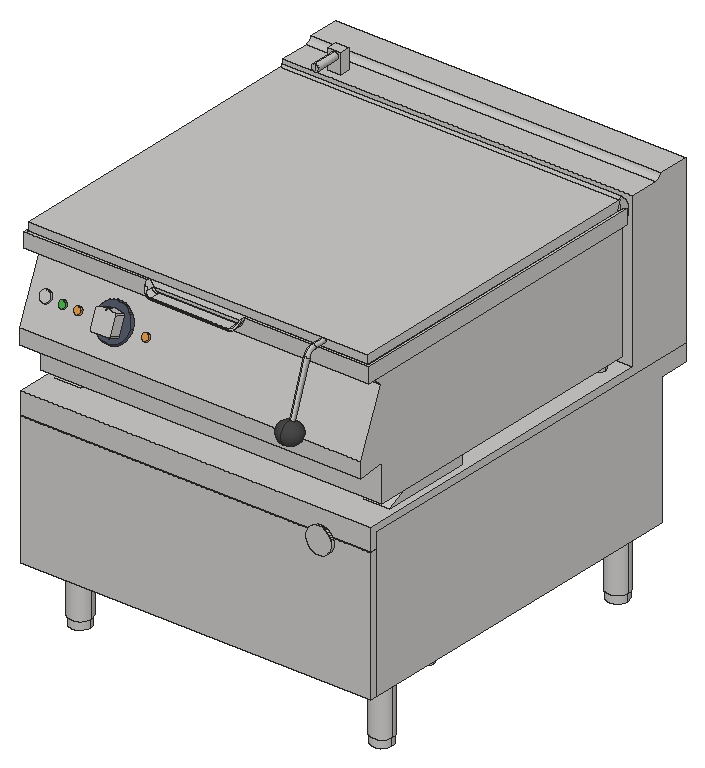
Revit family "QF_ZANUSSI_392146_Z9BREHDOFM", category Specialty Equipment, Revit 2018
Family settings
  Round Connector Dimension = Use Diameter
  Part Type = Normal
  Work Plane-Based = No
  Always vertical = Yes
  Cut with Voids When Loaded = No
  Shared = No
  Room Calculation Point = No
Parameters
  Width = 800 mm  # constant formula
  Weight in Pounds = 150  # constant formula
  Weight = 0.00 kg
  Watts = 13000 VA  # 13000 W
  Volts = 400 V  # constant formula
  URL Manufacturer = "http://www.zanussiprofessional.com"
  URL Cutsheet = "www.electrolux.com"
  URL = "http://www.zanussiprofessional.com"
  Type Mark [instance] = ""
  Steam Supply Size = 0"
  Steam Supply Minimum Pressure = 0.00 psi
  Steam Supply Maximum Pressure = 0.00 psi
  Steam Pounds per Hour = 0
  Status [instance] = ""
  Specification by User [instance] = ""
  Specification by Manufacturer = ""
  Show Logo [instance] = yes
  Show Clearance [instance] = yes
  Serial Number = ""
  Seismic Rating = ""
  SMACNA No = ""
  Revision Code [instance] = ""
  Refrigeration Suction Line Size = 0"
  Refrigeration Liquid Line Size = 0"
  Refrigerant Compressor Remote = yes
  Plumbing Remarks [instance] = ""
  Plumbing Connection Type [instance] = ""
  Phase = 3
  Omniclass Number and Title = ""
  Number of Poles [instance] = 1
  NAFEM Spec ID Number = ""
  Model = "Z9BREHDOFM"
  Min Ckt Ampacity = 0 A
  Max Overcurrent Protection = 0 A
  Masterspec = ""
  Manufacturer = "Zanussi"
  Length Actual = 800 mm  # constant formula
  Item Number [instance] = "392146"
  Installed By [instance] = ""
  Identify Quantity as Lot [instance] = yes
  Hot Water Size = 0"
  Height Actual = 850 mm  # constant formula
  Height = 850 mm  # constant formula
  HP = "17.4 HP"
  Gas Size = 0"
  Gas KW = 0
  Gas Input Pressure = 0.0 Btu/h
  Furnished By [instance] = ""
  Foodservice Equipment Identifier [instance] = yes
  FL Amps = if(Phase = 3, Watts / (Volts * 1.73), Watts / Volts)  # 18.7861 A
  Electrical Remarks [instance] = "400 V/3N ph/50/60 Hz"  # constant formula
  Electric Connection Type [instance] = ""
  Elec Conn RI Height [instance] = 0 mm
  Elec Conn Connection Height [instance] = 0 mm
  Direct Waste Size = 0"
  Description = "80LT EL.BRAISING PAN-DUOMAT BOTTOM AUT."
  Depth Actual = 900 mm  # constant formula
  Depth = 915 mm  # constant formula
  Cycle [instance] = if([60 Hertz Option], 60 Hz, 50 Hz)  # 60 Hz
  Conn Plug = ""
  Conn Conduit = yes
  Condensate Return Size = 0"
  Compressed Air Volume = 0 GPM
  Compressed Air Size = 0"
  Compressed Air Pressure = 0.00 psi
  Cold Water Temperature Recommended [instance] = -459.67 °F
  Cold Water Size = 3/4"
  Cold Water RI Height [instance] = 0 mm
  Cold Water Minimum Pressure = 0.00 psi
  Cold Water Maximum Pressure = 0.00 psi
  Cold Water Flow [instance] = 0 GPM
  Cold Water Consumption = ""
  Cold Water Connection Height = 0 mm
  CSI MasterFormat = ""
  CSI Master Format = ""
  Assembly Code = ""
  Apparent Power = if(Phase = 3, Volts * FL Amps * 1.73, Volts * FL Amps)  # 13000 VA
  Accessory = yes
  60 Hertz Option [instance] = not([50 Hertz Option])  # yes
  50 Hertz Option [instance] = no
Reference planes
  plane 1 "BACK": y = 0
  plane 2: z = 0
  plane 3 "LEFT": x = 0
  plane 4 "RIGHT": x = 800
  plane 5 "FRONT": y = -915
  plane 6 "TOP": z = 898
  plane 7 "Center Y": x = 400
  plane 8 "Center X": y = -457.5
  plane 9 "Base": z = 149
  plane 10: z = 502.193
  plane 11: z = 1653
  plane 12: y = -125
  plane 13: y = -799
  plane 14: x = 55
  plane 15: y = -160.853
  plane 16: x = 745
  plane 17: y = -1014
  plane 18: y = -899.182
  plane 19: x = 786
  plane 20: z = 850
  plane 21: x = 389
  plane 22: y = -702.182
  plane 23: y = -760.182
  plane 24: x = 340
Forms (mm)
  Revolve 1, solid, material "QF_Finishes_Stainless Steel"
    sketch origin (0, -125, 0) x (1, 0, 0) y (0, 0, 1)
      loop
        line (55, 0) -> (55, 149) -> (29.6, 149) -> (29.6, 19.05) -> (32.1, 19.05) -> (32.1, 0) -> (55, 0)
      axis (55, 0) -> (55, 149)
    angle from 0 to 360
  Revolve 2, solid, material "QF_Finishes_Stainless Steel"
    sketch origin (0, -799, 0) x (1, 0, 0) y (0, 0, 1)
      loop
        line (55, 0) -> (55, 149) -> (29.6, 149) -> (29.6, 19.05) -> (32.1, 19.05) -> (32.1, 0) -> (55, 0)
      axis (55, 0) -> (55, 149)
    angle from 0 to 360
  Extrusion 3, solid, material "QF_Finishes_Stainless Steel"
    sketch origin (0, -214.682, 0) x (0, 1, 0) y (0, 0, 1)
      loop
        line (214.682, 487.193) -> (214.682, 866.248) -> (143.055, 866.248)
        arc (143.055, 866.248) -> (139.432, 857.502) -> (130.686, 853.88) r 12.368
        line (130.686, 853.88) -> (64.682, 853.88) -> (64.682, 502.193) -> (-684.5, 502.193) -> (-684.5, 452.193) -> (-669.5, 452.193) -> (-669.5, 487.193) -> (214.682, 487.193)
      loop
        line (-669.5, 149) -> (-669.5, 451.193) -> (-684.5, 451.193) -> (-684.5, 149) -> (-669.5, 149)
    from 0 to 800
  Extrusion 4, solid, material "QF_Finishes_Stainless Steel"
    sketch origin (0, -214.682, 0) x (0, 1, 0) y (0, 0, 1)
      loop
        line (44.029, 528.406) -> (44.029, 817.127) -> (-678.5, 817.127) -> (-678.5, 809.681) -> (-643.264, 774.446) -> (-700.318, 641.094) -> (-700.318, 606.094) -> (-640.765, 613.406) -> (-640.765, 528.406) -> (44.029, 528.406)
    from 10 to 790
  Sweep 5, solid, material "QF_Finishes_Stainless Steel"
    path origin (0, -204.882, 145) x (-1, 0, 0) y (0, -1, 0)
      loop
        line (-290, 694.3) -> (-5, 694.3) -> (-5, -44.029) -> (-795, -44.029) -> (-795, 694.3) -> (-510, 694.3)
    profile origin (652.5, -899.182, 145) x (0, -1, 0) y (0, 0, 1)
      loop
        line (-5, 651.359) -> (0, 651.359) -> (0, 685.301) -> (-6, 685.301) -> (-6, 681.062) -> (-5, 681.062) -> (-5, 651.359)
  Extrusion 6, solid, material "QF_Finishes_Stainless Steel"
    sketch origin (0, -214.682, -5) x (0, 1, 0) y (0, 0, 1)
      loop
        line (33.715, 835.301) -> (42.572, 855) -> (-677.138, 855) -> (-677.138, 835.301) -> (33.715, 835.301)
      loop
        arc (64.305, 837.022) -> (57.071, 850.749) -> (45.92, 861.539) r 49.182
        line (45.92, 861.539) -> (39.069, 846.301) -> (45.904, 846.301) -> (45.904, 832.604) -> (64.305, 814.204) -> (64.305, 837.022)
    from 12.363 to 787.637
  Extrusion 7, solid, material "QF_Finishes_Stainless Steel"
    sketch origin (0, -214.682, 0) x (0, 1, 0) y (0, 0, 1)
      loop
        line (-403.818, 528.406) -> (-556.057, 528.406) -> (-609.801, 502.193) -> (-403.818, 502.193) -> (-403.818, 528.406)
    from 16.63 to 76.513
  Extrusion 8, solid, material "QF_Finishes_Stainless Steel"
    sketch origin (0, -207.182, 150) x (-1, 0, 0) y (0, -1, 0)
      loop
        circle (-46.571, -17.496) r 15
      loop
        circle (-753.429, -17.496) r 15
    from 352.193 to 383.406
  Extrusion 9, solid, material "QF_Finishes_Stainless Steel"
    sketch origin (0, -64.682, 0) x (0, 1, 0) y (0, 0, 1)
      loop
        line (-43.387, 853.88) -> (-43.387, 898) -> (-67.444, 898) -> (-67.444, 853.88) -> (-43.387, 853.88)
    from 87.469 to 116.843
  Revolve 10, solid, material "QF_Finishes_Stainless Steel"
    sketch origin (103.25, -64.682, 0) x (0, 1, 0) y (0, 0, 1)
      loop
        line (-67.444, 888.097) -> (-67.444, 896.222) -> (-123.629, 896.222) -> (-123.629, 888.097) -> (-67.444, 888.097)
      axis (-123.629, 888.097) -> (-67.444, 888.097)
    angle from 0 to 360
  Extrusion 11, solid, material "QF_Clearances", visible <- "Show Clearance", detail levels coarse
    sketch origin (0, -214.682, 0) x (1, 0, 0) y (0, 1, 0)
      loop
        line (800, 214.682) -> (800, -700.318) -> (850, -700.318) -> (850, 264.682) -> (-50, 264.682) -> (-50, -700.318) -> (0, -700.318) -> (0, 214.682) -> (800, 214.682)
    from 0 to 898
  Extrusion 12, solid, material "QF_Finishes_Stainless Steel"
    sketch origin (800, 0, 0) x (0, 1, 0) y (0, 0, 1)
      loop
        line (-884.182, 149) -> (-69, 149) -> (-69, 448) -> (0, 448) -> (0, 487.193) -> (-884.182, 487.193) -> (-884.182, 149)
    from 0 to -800
  Revolve 13, solid, material "QF_Finishes_Stainless Steel"
    sketch origin (1000, -125, 0) x (-1, 0, 0) y (0, 0, -1)
      loop
        line (255, 0) -> (232.1, 0) -> (232.1, -19.05) -> (229.6, -19.05) -> (229.6, -149) -> (255, -149) -> (255, 0)
      axis (255, 0) -> (255, -149)
    angle from 0 to 360
  Revolve 14, solid, material "QF_Finishes_Stainless Steel"
    sketch origin (1000, -799, 0) x (-1, 0, 0) y (0, 0, -1)
      loop
        line (255, 0) -> (232.1, 0) -> (232.1, -19.05) -> (229.6, -19.05) -> (229.6, -149) -> (255, -149) -> (255, 0)
      axis (255, 0) -> (255, -149)
    angle from 0 to 360
  Sweep 15, solid, material "QF_Finishes_Stainless Steel"
    path origin (8.84, -214.682, -10) x (0, 1, 0) y (0, 0, 1)
      loop
        line (-677.138, 852.831) -> (-705.492, 852.831)
        arc (-705.492, 852.831) -> (-716.963, 849.214) -> (-724.286, 839.672) r 20
        line (-724.286, 839.672) -> (-765.322, 726.924)
    profile origin (8.84, -905.997, 842.831) x (0, 0, -1) y (1, 0, 0)
      loop
        circle (0, 676.16) r 5
  Revolve 16, solid, material "QF_Finishes_Black"
    sketch origin (685, -194.682, 0) x (0, 1, 0) y (0, 0, 1)
      loop
        line (-785.322, 716.924) -> (-792.738, 719.623)
        arc (-792.738, 719.623) -> (-818.978, 701.075) -> (-800.713, 674.638) r 22.845
        line (-800.713, 674.638) -> (-785.322, 716.924)
      axis (-785.322, 716.924) -> (-800.713, 674.638)
    angle from 0 to 360
  Extrusion 17, solid, material "QF_Finishes_Stainless Steel"
    sketch origin (800, -69, 149) x (-1, 0, 0) y (0, 1, 0)
      loop
        circle (14, -649.182) r 12.7
    from 0 to 5
  Extrusion 18, solid, material "QF_Finishes_Stainless Steel"
    sketch origin (-3.75, -899.182, 149) x (0, 0, 1) y (-1, 0, 0)
      loop
        circle (289.443, -688.75) r 30
    from 0 to 5
  Extrusion 19, solid, material "QF_Finishes_Stainless Steel"
    sketch origin (800, -214.682, 0) x (0, 1, 0) y (0, 0, -1)
      loop
        line (-403.818, -528.406) -> (-403.818, -502.193) -> (-609.801, -502.193) -> (-556.057, -528.406) -> (-403.818, -528.406)
    from 16.63 to 76.513
  Extrusion 20, solid, material "QF_Finishes_Stainless Steel"
    sketch origin (0, -201.682, -15.905) x (1, 0, 0) y (0, 0, 1)
      loop
        line (509.996, 839.805) -> (509.996, 846.205) -> (502.677, 833.527)
        arc (502.677, 833.527) -> (496.674, 827.524) -> (488.474, 825.327) r 16.4
        line (488.474, 825.327) -> (311.526, 825.327)
        arc (311.526, 825.327) -> (303.32, 827.526) -> (297.312, 833.534) r 16.413
        line (297.312, 833.534) -> (289.996, 846.205) -> (289.996, 839.805) -> (294.541, 831.934)
        arc (294.541, 831.934) -> (301.72, 824.755) -> (311.526, 822.127) r 19.613
        line (311.526, 822.127) -> (488.474, 822.127)
        arc (488.474, 822.127) -> (498.274, 824.753) -> (505.448, 831.927) r 19.6
        line (505.448, 831.927) -> (509.996, 839.805)
    from 697.5 to 717.595
  Extrusion 21, void
    sketch origin (900, 188.397, 1219.2) x (0, -1, 0) y (0, 0, 1)
      loop
        line (1110.167, -415.736) -> (1110.167, -387.945) -> (1093.05, -387.945) -> (1110.167, -415.736)
    from 390 to 610
  Extrusion 22, solid, material "QF_Finishes_Orange"
    sketch origin (9.372, -901.482, 672.689) x (0, 0.393353, 0.919387) y (-1, 0, 0)
      loop
        circle (34.513, -113.251) r 8
    from 0 to 3.175
  Extrusion 23, solid, material "QF_Finishes_Green"
    sketch origin (14.068, -901.51, 672.624) x (0, 0.393353, 0.919387) y (-1, 0, 0)
      loop
        circle (34.513, -73.251) r 8
    from 0 to 3.175
  Extrusion 24, solid, material "QF_Finishes_Stainless Steel"
    sketch origin (10.937, -915, 641.094) x (0, 0.393353, 0.919387) y (-1, 0, 0)
      loop
        circle (71.473, -36.635) r 12.7
    from 0 to 3.2
  Extrusion 25, solid, material "QF_Finishes_Orange"
    sketch origin (164.372, -901.482, 672.689) x (0, 0.393353, 0.919387) y (-1, 0, 0)
      loop
        circle (34.513, -113.251) r 8
    from 0 to 3.175
  Extrusion 26, solid, material "QF_Clearances", visible <- "Show Clearance", detail levels coarse
    sketch origin (0, -996.643, 709.193) x (0, 0.238373, -0.971174) y (0, 0.971174, 0.238373)
      loop
        line (33.715, 835.301) -> (42.572, 855) -> (-677.138, 855) -> (-677.138, 835.301) -> (33.715, 835.301)
      loop
        arc (64.305, 837.022) -> (57.071, 850.749) -> (45.92, 861.539) r 49.182
        line (45.92, 861.539) -> (39.069, 846.301) -> (45.904, 846.301) -> (45.904, 832.604) -> (64.305, 814.204) -> (64.305, 837.022)
    from 12.363 to 787.637
  Sweep 27, solid, material "QF_Clearances", visible <- "Show Clearance", detail levels coarse
    path origin (8.84, -1001.499, 708.002) x (0, 0.238373, -0.971174) y (0, 0.971174, 0.238373)
      loop
        line (-677.138, 852.831) -> (-705.492, 852.831)
        arc (-705.492, 852.831) -> (-716.963, 849.214) -> (-724.286, 839.672) r 20
        line (-724.286, 839.672) -> (-765.322, 726.924)
    profile origin (8.84, -338.043, 1582.68) x (0, -0.971174, -0.238373) y (1, 0, 0)
      loop
        circle (0, 676.16) r 5
  Revolve 28, solid, material "QF_Clearances", visible <- "Show Clearance", detail levels coarse
    sketch origin (685, -987.02, 690.962) x (0, 0.238373, -0.971174) y (0, 0.971174, 0.238373)
      loop
        line (-785.322, 716.924) -> (-792.738, 719.623)
        arc (-792.738, 719.623) -> (-818.978, 701.075) -> (-800.713, 674.638) r 22.845
        line (-800.713, 674.638) -> (-785.322, 716.924)
      axis (-785.322, 716.924) -> (-800.713, 674.638)
    angle from 0 to 360
  Extrusion 29, solid, material "QF_Finishes_Stainless Steel"
    sketch origin (290, -899.182, 830.301) x (-1, 0, 0) y (0, 0, -1)
      loop
        line (0.004, 33.941) -> (-220, 33.941) -> (-220, -0.006) -> (-212.677, 12.678)
        arc (-212.677, 12.678) -> (-206.674, 18.681) -> (-198.474, 20.878) r 16.4
        line (-198.474, 20.878) -> (-21.526, 20.878)
        arc (-21.526, 20.878) -> (-13.32, 18.679) -> (-7.312, 12.672) r 16.413
        line (-7.312, 12.672) -> (0.004, 0) -> (0.004, 33.941)
    from 0 to -6
  Extrusion 30, solid, material "QF_Finishes_Stainless Steel"
    sketch origin (0, 0, 0) x (0, 1, 0) y (0, 0, 1)
      loop
        circle (-760.182, 325) r 9.525
    from 350.873 to 389
  Extrusion 31, solid, material "QF_Finishes_Stainless Steel"
    sketch origin (0, -915, 0) x (1, 0, 0) y (0, 0, 1)
      loop
        circle (340, 220) r 6.35
    from -212.818 to -194.708
  Extrusion 32, solid, material "QF_Plastic-Black-Matte"
    sketch origin (145.417, -886.473, 707.77) x (0, 0.393353, 0.919387) y (0, 0.919387, -0.393353)
      loop
        line (26.984, -34) -> (23.984, -34) -> (23.984, -35) -> (26.984, -35)
        arc (26.984, -35) -> (27.691, -34.707) -> (27.984, -34) r 1
        line (27.984, -34) -> (27.984, -19) -> (26.984, -19) -> (26.984, -34)
    from -58.5 to -56.5
  Extrusion 33, solid, material "QF_Finishes_Stainless Steel"
    sketch origin (202.917, -886.473, 707.77) x (-1, 0, 0) y (0, -0.393353, -0.919387)
      loop
        line (17.5, -17.5) -> (17.5, 17.5) -> (-17.5, 17.5) -> (-17.5, -17.5) -> (17.5, -17.5)
    from 5 to 10
  Extrusion 34, solid, material "QF_Finishes_Stainless Steel"
    sketch origin (202.917, -886.473, 707.77) x (-1, 0, 0) y (0, -0.393353, -0.919387)
      loop
        arc (-21.147, -22.789) -> (0, -26.984) -> (21.147, -22.789) r 55.4
        arc (21.147, -22.789) -> (22.494, -21.685) -> (23, -20.019) r 2.997
        line (23, -20.019) -> (23, 20.019)
        arc (23, 20.019) -> (22.122, 22.138) -> (20.003, 23.016) r 2.997
        line (20.003, 23.016) -> (-20.003, 23.016)
        arc (-20.003, 23.016) -> (-22.122, 22.138) -> (-23, 20.019) r 2.997
        line (-23, 20.019) -> (-23, -20.019)
        arc (-23, -20.019) -> (-22.494, -21.685) -> (-21.147, -22.789) r 2.997
    from 10 to 34
  Blend 35, solid, material "QF_Finishes_Navy Blue"
    base sketch origin (202.917, -886.473, 707.77) x (1, 0, 0) y (0, 0.393353, 0.919387)
      loop
        circle (0, 0) r 42.5
    top sketch origin (202.917, -886.473, 707.77) x (1, 0, 0) y (0, 0.393353, 0.919387)
      loop
        circle (0, 0) r 40.5
    from 0 to 5
Cuts and joins
  Extrusion 21 cuts Extrusion 20
  joined: Sweep 5, Extrusion 20, Extrusion 29
Lines and regions (mm)
  Split face 1
    outline origin (202.917, -891.07, 709.737) x (1, 0, 0) y (0, 0.393353, 0.919387)
      loop
        arc (-0.521, 36.501) -> (-26.491, 26.394) -> (-37.708, 0.884) r 36.411
        line (-37.708, 0.884) -> (-31.708, 0.884)
        arc (-31.708, 0.884) -> (-21.998, 23.844) -> (-0.521, 36.501) r 39.733
  Split face 2
    outline origin (202.917, -891.07, 709.737) x (1, 0, 0) y (0, 0.393353, 0.919387)
      loop
        circle (-30.633, -14.752) r 1.5
  Split face 3
    outline origin (202.917, -891.07, 709.737) x (1, 0, 0) y (0, 0.393353, 0.919387)
      loop
        circle (-21.199, -26.582) r 1.5
  Split face 4
    outline origin (202.917, -891.07, 709.737) x (1, 0, 0) y (0, 0.393353, 0.919387)
      loop
        circle (-7.566, -33.148) r 1.5
  Split face 5
    outline origin (202.917, -891.07, 709.737) x (1, 0, 0) y (0, 0.393353, 0.919387)
      loop
        circle (7.566, -33.148) r 1.5
  Split face 6
    outline origin (202.917, -891.07, 709.737) x (1, 0, 0) y (0, 0.393353, 0.919387)
      loop
        circle (21.199, -26.582) r 1.5
  Split face 7
    outline origin (202.917, -891.07, 709.737) x (1, 0, 0) y (0, 0.393353, 0.919387)
      loop
        circle (30.633, -14.752) r 1.5
  Split face 8
    outline origin (202.917, -891.07, 709.737) x (1, 0, 0) y (0, 0.393353, 0.919387)
      loop
        circle (34, 0) r 1.5
  Split face 9
    outline origin (202.917, -891.07, 709.737) x (1, 0, 0) y (0, -0.393353, -0.919387)
      loop
        circle (30.633, -14.752) r 1.5
  Split face 10
    outline origin (202.917, -891.07, 709.737) x (1, 0, 0) y (0, -0.393353, -0.919387)
      loop
        circle (21.199, -26.582) r 1.5
  symbolic lines
    curve 1: line (10, -915, 149) -> (179.917, -915, 149)
    curve 2: line (0, -899.182, 149) -> (280.622, -899.182, 149)
    curve 3: line (5, -160.853, 149) -> (5, -899.182, 149)
    curve 4: line (0, 0, 149) -> (0, -899.182, 149)
    curve 5: line (800, -899.182, 149) -> (800, 0, 149)
    curve 6: line (5, -160.853, 149) -> (95.125, -160.853, 149)
    curve 7: line (789, -171.653, 149) -> (111.375, -171.653, 149)
    curve 8: line (0, -71.628, 149) -> (800, -71.628, 149)
    curve 9: line (111.375, -160.853, 149) -> (795, -160.853, 149)
    curve 10: line (95.125, -172.111, 149) -> (12.363, -172.111, 149)
    curve 11: line (90.942, -172.111, 149) -> (90.942, -192.672, 149)
    curve 12: line (117.192, -171.653, 149) -> (117.192, -192.672, 149)
    curve 13: arc (90.942, -192.672, 149) -> (104.067, -205.797, 149) -> (117.192, -192.672, 149) r 13.125
    curve 14: line (504.543, -915, 149) -> (680, -915, 149)
    curve 15: line (12.363, -891.82, 149) -> (787.637, -891.82, 149)
    curve 16: line (0, 0, 149) -> (800, 0, 149)
    curve 20: line (680, -980.005, 149) -> (680, -891.82, 149)
    curve 21: line (690, -980.005, 149) -> (690, -891.82, 149)
    curve 22: spline (685, -987.42, 149) -> (686.603, -987.265, 149) -> (688.14, -986.808, 149) -> (689.545, -986.066, 149) -> (690.761, -985.072, 149) -> (691.737, -983.866, 149) -> (692.431, -982.499, 149) -> (692.815, -981.028, 149) -> (692.874, -979.515, 149) -> (692.604, -978.022, 149) -> (692.016, -976.611, 149) -> (691.136, -975.342, 149) -> (690, -974.268, 149)
    curve 23: spline (690, -980.005, 149) -> (689.957, -980.618, 149) -> (689.83, -981.221, 149) -> (689.619, -981.803, 149) -> (689.33, -982.354, 149) -> (688.967, -982.865, 149) -> (688.536, -983.327, 149) -> (688.044, -983.732, 149) -> (687.5, -984.074, 149) -> (686.913, -984.345, 149) -> (686.294, -984.543, 149) -> (685.653, -984.663, 149) -> (685, -984.703, 149)
    curve 24: spline (685, -984.703, 149) -> (684.347, -984.663, 149) -> (683.706, -984.543, 149) -> (683.087, -984.345, 149) -> (682.5, -984.074, 149) -> (681.956, -983.732, 149) -> (681.464, -983.327, 149) -> (681.033, -982.865, 149) -> (680.67, -982.354, 149) -> (680.381, -981.803, 149) -> (680.17, -981.221, 149) -> (680.043, -980.618, 149) -> (680, -980.005, 149)
    curve 25: spline (680, -974.268, 149) -> (678.864, -975.342, 149) -> (677.984, -976.611, 149) -> (677.396, -978.022, 149) -> (677.126, -979.515, 149) -> (677.185, -981.028, 149) -> (677.569, -982.499, 149) -> (678.263, -983.866, 149) -> (679.239, -985.072, 149) -> (680.455, -986.066, 149) -> (681.86, -986.808, 149) -> (683.397, -987.265, 149) -> (685, -987.42, 149)
    curve 26: line (95.125, -188.311, 149) -> (111.375, -188.311, 149)
    curve 27: line (95.125, -132.127, 149) -> (95.125, -188.311, 149)
    curve 28: line (111.375, -188.311, 149) -> (111.375, -132.127, 149)
    curve 29: line (87.469, -132.127, 149) -> (116.843, -132.127, 149)
    curve 30: line (87.469, -108.069, 149) -> (87.469, -132.127, 149)
    curve 31: line (116.843, -108.069, 149) -> (87.469, -108.069, 149)
    curve 32: line (116.843, -132.127, 149) -> (116.843, -108.069, 149)
    curve 33: arc (680, -961.314, 149) -> (685, -1014, 149) -> (690, -961.314, 149) r 26.58
    curve 34: line (0, -150, 182) -> (95.125, -150, 182)
    curve 35: line (800, -150, 182) -> (111.375, -150, 182)
    curve 36: line (12.363, -891.82, 149) -> (12.363, -172.111, 149)
    curve 37: line (787.637, -891.82, 149) -> (787.637, -171.653, 149)
    curve 38: line (790, -915, 182) -> (790, -899.182, 182)
    curve 39: line (10, -899.182, 182) -> (10, -915, 182)
    curve 40: line (795, -160.853, 149) -> (795, -899.182, 149)
    curve 41: line (225.917, -915, 149) -> (295.414, -915, 149)
    curve 42: line (519.371, -899.182, 182) -> (505.448, -914.035, 182)
    curve 43: spline (505.442, -914.033, 182) -> (504.902, -914.595, 182) -> (504.301, -915.14, 182) -> (503.641, -915.666, 182) -> (502.924, -916.17, 182) -> (502.153, -916.653, 182) -> (501.331, -917.111, 182) -> (500.459, -917.544, 182) -> (499.542, -917.95, 182) -> (498.582, -918.327, 182) -> (497.581, -918.675, 182) -> (496.544, -918.992, 182) -> (495.475, -919.277, 182)
    curve 44: line (304.523, -919.277, 182) -> (495.475, -919.277, 182)
    curve 45: line (294.541, -914.031, 182) -> (280.622, -899.182, 182)
    curve 46: spline (304.523, -919.277, 182) -> (303.452, -918.992, 182) -> (302.414, -918.675, 182) -> (301.413, -918.327, 182) -> (300.452, -917.949, 182) -> (299.534, -917.543, 182) -> (298.662, -917.11, 182) -> (297.838, -916.651, 182) -> (297.067, -916.168, 182) -> (296.35, -915.663, 182) -> (295.689, -915.137, 182) -> (295.087, -914.592, 182) -> (294.547, -914.029, 182)
    curve 47: line (519.371, -899.182, 149) -> (680, -899.182, 149)
    curve 48: line (690, -899.182, 149) -> (800, -899.182, 149)
    curve 49: line (690, -915, 149) -> (790, -915, 149)
    curve 50: line (179.917, -899.196, 0) -> (179.917, -925.453, 0)
    curve 51: arc (179.917, -925.453, 0) -> (180.063, -925.917, 0) -> (180.449, -926.213, 0) r 0.809
    curve 52: arc (180.449, -926.213, 0) -> (181.637, -926.693, 0) -> (182.915, -926.786, 0) r 4.127
    curve 53: arc (179.917, -910.086, 0) -> (180.419, -909.365, 0) -> (181.217, -908.995, 0) r 1.682
    curve 54: arc (181.217, -908.995, 0) -> (191.519, -907.497, 0) -> (201.917, -906.988, 0) r 109.079
    curve 55: line (201.917, -899.182, 0) -> (201.917, -909.218, 0)
    curve 56: line (201.917, -909.218, 0) -> (203.917, -909.218, 0)
    curve 57: line (203.917, -909.218, 0) -> (203.917, -899.218, 0)
    curve 58: line (225.917, -899.182, 0) -> (225.917, -925.453, 0)
    curve 59: arc (225.917, -925.453, 0) -> (225.771, -925.917, 0) -> (225.385, -926.213, 0) r 0.809
    curve 60: arc (225.385, -926.213, 0) -> (224.197, -926.693, 0) -> (222.92, -926.786, 0) r 4.127
    curve 61: arc (225.917, -910.086, 0) -> (225.415, -909.365, 0) -> (224.618, -908.995, 0) r 1.682
    curve 62: arc (224.618, -908.995, 0) -> (214.315, -907.497, 0) -> (203.917, -906.988, 0) r 109.079
    curve 63: line (182.915, -926.786, 0) -> (222.92, -926.786, 0)
    curve 64: spline (225.917, -904.183, 0) -> (227.104, -903.848, 0) -> (228.259, -903.497, 0) -> (229.381, -903.13, 0) -> (230.469, -902.747, 0) -> (231.521, -902.348, 0) -> (232.535, -901.936, 0) -> (233.512, -901.509, 0) -> (234.448, -901.068, 0) -> (235.344, -900.615, 0) -> (236.197, -900.149, 0) -> (237.007, -899.671, 0) -> (237.773, -899.182, 0)
    curve 65: spline (168.061, -899.182, 0) -> (168.827, -899.671, 0) -> (169.637, -900.149, 0) -> (170.491, -900.615, 0) -> (171.386, -901.068, 0) -> (172.323, -901.509, 0) -> (173.299, -901.936, 0) -> (174.314, -902.348, 0) -> (175.366, -902.747, 0) -> (176.453, -903.13, 0) -> (177.576, -903.497, 0) -> (178.731, -903.848, 0) -> (179.917, -904.183, 0)
  symbolic lines, style "QF_Clearances", visible <- "Show Clearance", detail levels coarse
    curve 17: line (-50, 50, 150) -> (-50, -918.182, 150)
    curve 18: line (850, 50, 150) -> (850, -915, 150)
    curve 19: line (850, 50, 150) -> (-50, 50, 150)
Dimensions and locks
  equal spacing: plane 3 "LEFT", plane 7 "Center Y", plane 4 "RIGHT"
  "Width": plane 3 "LEFT" to plane 4 "RIGHT"
  equal spacing: plane 5 "FRONT", plane 8 "Center X", plane 1 "BACK"
  "Depth": plane 5 "FRONT" to plane 1 "BACK"
  "Height": plane 20 to level
  plane 9 "Base" to level = 149 mm
  plane 11 to level = 1653 mm
  plane 11 to plane 2 = 1653 mm
  plane 9 "Base" to plane 2 = 149 mm
  plane 13 to plane 12 = 674 mm
  plane 5 "FRONT" to plane 1 "BACK" = 915 mm
  plane 6 "TOP" to plane 2 = 898 mm
  plane 4 "RIGHT" to plane 16 to plane 14 to plane 3 "LEFT" = 55 mm, 690 mm, 55 mm
  plane 1 "BACK" to plane 17 = 1014 mm
  Extrusion 12 to plane 1 "BACK" = 69 mm
  Extrusion 6 to plane 9 "Base" = 701 mm
  plane 2 to Extrusion 12 = 448 mm
  Extrusion 3 to plane 13 = 100.182 mm
  plane 12 to Extrusion 12 = 56 mm
  plane 4 "RIGHT" to plane 19 = 14 mm
  plane 20 to plane 9 "Base" to level = 701 mm, 149 mm
  plane 1 "BACK" to Extrusion 12 = 69 mm
  Extrusion 12 to plane 12 = 56 mm
  plane 12 to plane 13 = 674 mm
  plane 13 to Extrusion 3 = 100.182 mm
  Extrusion 12 to level = 448 mm
  plane 6 "TOP" to level = 898 mm
  Extrusion 3 to Extrusion 17 = 181 mm
  Extrusion 17 to Extrusion 3 = 181 mm
  Extrusion 30 sketch curve to plane 9 "Base" = 176 mm
  plane 21 to plane 3 "LEFT" = 389 mm
  Extrusion 31 sketch curve to plane 3 "LEFT" = 340 mm
  Extrusion 31 sketch curve to plane 9 "Base" = 71 mm
  plane 22 to Extrusion 3 = 197 mm
  Extrusion 30 sketch curve to Extrusion 3 = 139 mm
  plane 23 to Extrusion 3 = 139 mm
  Extrusion 30 to plane 9 "Base" = 176 mm  (x2)
  Extrusion 12 to Extrusion 31 = 71 mm
  Extrusion 31 to plane 9 "Base" = 71 mm
  plane 24 to plane 3 "LEFT" = 340 mm
  aligned and locked: level to plane 2
  aligned and locked: Extrusion 12 to plane 3 "LEFT"
Automatic sketch dimensions
  Revolve 1 sketch curve to plane 9 "Base" = 0 mm  (x2)
  Revolve 1 sketch curve to level = 0 mm
  Revolve 1 sketch curve to plane 14 = 0 mm  (x2)
  Revolve 1 sketch curve to Revolve 1 sketch curve = 22.9 mm
  Revolve 1 sketch curve to Revolve 1 sketch curve = 2.5 mm
  level to Revolve 1 sketch curve = 19.05 mm
  Revolve 2 sketch curve to plane 9 "Base" = 0 mm  (x2)
  Revolve 2 sketch curve to level = 0 mm
  Revolve 2 sketch curve to plane 14 = 0 mm  (x2)
  Revolve 2 sketch curve to Revolve 2 sketch curve = 22.9 mm
  Revolve 2 sketch curve to Revolve 2 sketch curve = 2.5 mm
  level to Revolve 2 sketch curve = 19.05 mm
  Extrusion 7 sketch curve to plane 10 = 0 mm
  Extrusion 7 sketch curve to plane 13 = 25.484 mm
  plane 13 to Extrusion 7 sketch curve = 28.261 mm
  plane 10 to Extrusion 7 sketch curve = 26.213 mm
  Extrusion 8 sketch curve to plane 16 = 8.429 mm
  Extrusion 8 sketch curve to plane 14 = 8.429 mm
  Extrusion 8 sketch curve to plane 12 = 64.686 mm  (x2)
  Extrusion 9 sketch curve to plane 6 "TOP" = 0 mm
  Extrusion 9 sketch curve to plane 12 = 7.127 mm
  plane 12 to Extrusion 9 sketch curve = 16.931 mm
  plane 20 to Extrusion 9 sketch curve = 3.88 mm
  Revolve 10 sketch curve to plane 6 "TOP" = 9.903 mm
  Revolve 10 sketch curve to plane 12 = 63.311 mm
  Revolve 10 sketch curve to plane 12 = 7.127 mm
  Revolve 10 sketch curve to Revolve 10 sketch curve = 0 mm  (x2)
  plane 12 to Revolve 10 sketch curve = 1.394 mm
  Revolve 10 sketch curve to plane 6 "TOP" = 1.778 mm
  Revolve 13 sketch curve to plane 9 "Base" = 0 mm  (x2)
  Revolve 13 sketch curve to level = 0 mm
  plane 16 to Revolve 13 sketch curve = 0 mm  (x2)
  Revolve 13 sketch curve to plane 19 = 18.1 mm
  Revolve 13 sketch curve to Revolve 13 sketch curve = 2.5 mm
  level to Revolve 13 sketch curve = 19.05 mm
  Revolve 14 sketch curve to plane 9 "Base" = 0 mm  (x2)
  Revolve 14 sketch curve to level = 0 mm
  plane 16 to Revolve 14 sketch curve = 0 mm  (x2)
  Revolve 14 sketch curve to plane 19 = 18.1 mm
  Revolve 14 sketch curve to Revolve 14 sketch curve = 2.5 mm
  level to Revolve 14 sketch curve = 19.05 mm
  plane 17 to Revolve 16 sketch curve = 18.604 mm
  Revolve 16 sketch curve to Revolve 16 sketch curve = 0 mm  (x4)
  plane 17 to Revolve 16 sketch curve = 22.834 mm
  Revolve 16 sketch curve to Revolve 16 sketch curve = 3.746 mm
  Revolve 16 sketch curve to Revolve 16 sketch curve = 7.415 mm
  plane 10 to Revolve 16 sketch curve = 172.444 mm
  Revolve 16 sketch curve to Revolve 16 sketch curve = 22.45 mm
  plane 10 to Extrusion 19 sketch curve = 0 mm
  Extrusion 19 sketch curve to plane 13 = 25.484 mm
  plane 13 to Extrusion 19 sketch curve = 28.261 mm
  plane 10 to Extrusion 19 sketch curve = 26.213 mm
  Extrusion 20 sketch curve to Extrusion 20 sketch curve = 0 mm  (x5)
  Extrusion 20 sketch curve to Extrusion 20 sketch curve = 4.545 mm
  Extrusion 20 sketch curve to Extrusion 20 sketch curve = 2.771 mm  (x2)
  Extrusion 20 sketch curve to Extrusion 20 sketch curve = 14.214 mm
  Extrusion 20 sketch curve to plane 20 = 40.578 mm
  plane 7 "Center Y" to Extrusion 20 sketch curve = 88.474 mm
  Extrusion 20 sketch curve to plane 20 = 32.378 mm
  Extrusion 20 sketch curve to Extrusion 20 sketch curve = 14.203 mm
  Extrusion 20 sketch curve to plane 20 = 33.978 mm
  Extrusion 20 sketch curve to plane 20 = 19.699 mm
  Extrusion 20 sketch curve to Extrusion 20 sketch curve = 7.32 mm
  Extrusion 20 sketch curve to Extrusion 20 sketch curve = 6.606 mm
  Extrusion 20 sketch curve to Extrusion 20 sketch curve = 6.4 mm  (x2)
  Extrusion 20 sketch curve to Extrusion 20 sketch curve = 7.872 mm
  Extrusion 24 sketch curve to plane 14 = 7.427 mm
  Extrusion 26 sketch curve to plane 11 = 87.075 mm
  plane 8 "Center X" to Extrusion 26 sketch curve = 110.667 mm
  Extrusion 26 sketch curve to Extrusion 26 sketch curve = 694.86 mm
  Extrusion 26 sketch curve to Extrusion 26 sketch curve = 15.993 mm
  Extrusion 26 sketch curve to Extrusion 26 sketch curve = 5.354 mm
  Extrusion 26 sketch curve to Extrusion 26 sketch curve = 3.503 mm
  Extrusion 26 sketch curve to Extrusion 26 sketch curve = 12.189 mm
  Extrusion 26 sketch curve to Extrusion 26 sketch curve = 3.348 mm
  Extrusion 26 sketch curve to Extrusion 26 sketch curve = 18.4 mm  (x2)
  Extrusion 26 sketch curve to Extrusion 26 sketch curve = 2.697 mm
  Extrusion 26 sketch curve to Extrusion 26 sketch curve = 14.057 mm
  Extrusion 26 sketch curve to Extrusion 26 sketch curve = 4.418 mm
  Extrusion 26 sketch curve to Extrusion 26 sketch curve = 11 mm
  Extrusion 26 sketch curve to Extrusion 26 sketch curve = 6.539 mm
  Sweep 27 sketch curve to plane 8 "Center X" = 20.462 mm
  Sweep 27 sketch curve to plane 11 = 28.458 mm
  Sweep 27 sketch curve to Sweep 27 sketch curve = 41.037 mm
  Sweep 27 sketch curve to Sweep 27 sketch curve = 18.794 mm
  Sweep 27 sketch curve to Sweep 27 sketch curve = 28.354 mm
  Sweep 27 sketch curve to Sweep 27 sketch curve = 105.908 mm
  Sweep 27 sketch curve to Sweep 27 sketch curve = 6.84 mm
  Sweep 27 sketch curve to profile plane = 0 mm
  profile plane to Sweep 27 sketch curve = 676.16 mm
  Revolve 28 sketch curve to plane 11 = 23.591 mm
  Revolve 28 sketch curve to plane 8 "Center X" = 65.198 mm
  Revolve 28 sketch curve to Revolve 28 sketch curve = 0 mm  (x4)
  Revolve 28 sketch curve to Revolve 28 sketch curve = 4.229 mm
  Revolve 28 sketch curve to Revolve 28 sketch curve = 3.746 mm
  Revolve 28 sketch curve to Revolve 28 sketch curve = 7.415 mm
  Revolve 28 sketch curve to Revolve 28 sketch curve = 22.45 mm
  Extrusion 20 sketch curve to plane 7 "Center Y" = 88.474 mm
  plane 14 to Extrusion 22 sketch curve = 67.623 mm
  plane 14 to Extrusion 23 sketch curve = 32.319 mm
  Extrusion 25 sketch curve to plane 7 "Center Y" = 122.377 mm
  plane 9 "Base" to Revolve 1 sketch curve = 20 mm
  plane 9 "Base" to Revolve 2 sketch curve = 20 mm
  Revolve 13 sketch curve to Revolve 13 sketch curve = 20 mm
  plane 9 "Base" to Revolve 14 sketch curve = 20 mm
  plane 22 to Extrusion 7 sketch curve = 83.682 mm
  plane 22 to Extrusion 19 sketch curve = 83.682 mm
  plane 5 "FRONT" to curve 18 = 0 mm
  plane 4 "RIGHT" to curve 18 = 50 mm
  curve 19 to plane 3 "LEFT" = 50 mm
  curve 17 to plane 1 "BACK" = 50 mm
  plane 5 "FRONT" to curve 17 = 3.182 mm
  Extrusion 3 sketch curve to plane 10 = 0 mm
  Extrusion 3 sketch curve to plane 9 "Base" = 0 mm
  Extrusion 3 sketch curve to plane 1 "BACK" = 0 mm
  plane 20 to Extrusion 3 sketch curve = 16.248 mm
  plane 12 to Extrusion 3 sketch curve = 53.372 mm
  Extrusion 3 sketch curve to Extrusion 3 sketch curve = 12.368 mm
  Extrusion 3 sketch curve to plane 12 = 25 mm
  Extrusion 3 sketch curve to plane 5 "FRONT" = 30.818 mm  (x2)
  Extrusion 3 sketch curve to plane 10 = 15 mm
  Extrusion 3 sketch curve to Extrusion 3 sketch curve = 15 mm
  Extrusion 3 sketch curve to plane 5 "FRONT" = 15.818 mm
  Extrusion 3 sketch curve to Extrusion 3 sketch curve = 36 mm
  Extrusion 3 sketch curve to Extrusion 3 sketch curve = 1 mm
  Extrusion 4 sketch curve to plane 5 "FRONT" = 0 mm
  Extrusion 4 sketch curve to plane 5 "FRONT" = 21.818 mm
  Extrusion 4 sketch curve to Extrusion 4 sketch curve = 35.236 mm
  plane 10 to Extrusion 4 sketch curve = 26.213 mm
  Extrusion 4 sketch curve to plane 13 = 56.447 mm
  Extrusion 4 sketch curve to plane 12 = 45.653 mm
  Extrusion 4 sketch curve to Extrusion 4 sketch curve = 77.688 mm
  Extrusion 4 sketch curve to Extrusion 4 sketch curve = 7.312 mm
  Extrusion 4 sketch curve to Extrusion 4 sketch curve = 35 mm
  Extrusion 4 sketch curve to plane 20 = 75.554 mm
  Extrusion 4 sketch curve to plane 20 = 40.319 mm
  Extrusion 4 sketch curve to plane 20 = 32.873 mm
  plane 15 to Sweep 5 sketch curve = 0 mm
  Sweep 5 sketch curve to plane 4 "RIGHT" = 5 mm
  plane 3 "LEFT" to Sweep 5 sketch curve = 5 mm
  Sweep 5 sketch curve to plane 5 "FRONT" = 15.818 mm  (x2)
  plane 7 "Center Y" to Sweep 5 sketch curve = 110 mm
  Sweep 5 sketch curve to plane 24 = 50 mm
  Sweep 5 sketch curve to profile plane = 0 mm
  profile plane to Sweep 5 sketch curve = 5 mm
  Sweep 5 sketch curve to Sweep 5 sketch curve = 1 mm
  profile plane to Sweep 5 sketch curve = 651.359 mm
  Sweep 5 sketch curve to Sweep 5 sketch curve = 29.703 mm
  Sweep 5 sketch curve to Sweep 5 sketch curve = 4.238 mm
  Extrusion 6 sketch curve to plane 20 = 0 mm
  Extrusion 6 sketch curve to plane 5 "FRONT" = 23.18 mm
  Extrusion 6 sketch curve to plane 20 = 33.757 mm
  Extrusion 6 sketch curve to plane 12 = 71.96 mm
  Extrusion 6 sketch curve to plane 20 = 19.699 mm
  Extrusion 6 sketch curve to Extrusion 6 sketch curve = 15.993 mm
  Extrusion 6 sketch curve to plane 20 = 8.699 mm
  Extrusion 6 sketch curve to Extrusion 6 sketch curve = 5.354 mm
  Extrusion 6 sketch curve to Extrusion 6 sketch curve = 3.503 mm
  Extrusion 6 sketch curve to Extrusion 6 sketch curve = 12.189 mm
  plane 20 to Extrusion 6 sketch curve = 6.539 mm
  Extrusion 6 sketch curve to Extrusion 6 sketch curve = 3.348 mm
  Extrusion 6 sketch curve to plane 20 = 17.978 mm
  Extrusion 6 sketch curve to Extrusion 6 sketch curve = 22.819 mm
  Extrusion 6 sketch curve to Extrusion 6 sketch curve = 2.697 mm
  plane 5 "FRONT" to Extrusion 11 sketch curve = 0 mm  (x2)
  Extrusion 11 sketch curve to plane 3 "LEFT" = 0 mm
  plane 1 "BACK" to Extrusion 11 sketch curve = 0 mm
  Extrusion 11 sketch curve to plane 4 "RIGHT" = 0 mm
  Extrusion 11 sketch curve to plane 3 "LEFT" = 50 mm
  plane 4 "RIGHT" to Extrusion 11 sketch curve = 50 mm
  Extrusion 11 sketch curve to plane 1 "BACK" = 50 mm
  Extrusion 12 sketch curve to plane 9 "Base" = 0 mm
  Extrusion 12 sketch curve to plane 1 "BACK" = 0 mm
  plane 12 to Extrusion 12 sketch curve = 56 mm
  Extrusion 12 sketch curve to plane 5 "FRONT" = 30.818 mm
  Extrusion 12 sketch curve to plane 10 = 54.193 mm
  Extrusion 12 sketch curve to plane 10 = 15 mm
  plane 5 "FRONT" to Sweep 15 sketch curve = 23.968 mm
  plane 5 "FRONT" to Sweep 15 sketch curve = 5.174 mm
  Sweep 15 sketch curve to plane 20 = 27.169 mm
  Sweep 15 sketch curve to Sweep 15 sketch curve = 6.84 mm
  plane 17 to Sweep 15 sketch curve = 33.995 mm
  Sweep 15 sketch curve to plane 5 "FRONT" = 23.18 mm
  Sweep 15 sketch curve to Sweep 15 sketch curve = 112.748 mm
  Sweep 15 sketch curve to profile plane = 0 mm
  profile plane to Sweep 15 sketch curve = 676.16 mm
  Extrusion 17 sketch curve to Extrusion 12 = 14 mm
  Extrusion 17 sketch curve to Extrusion 12 = 166 mm
  Extrusion 18 sketch curve to Extrusion 3 = 12.75 mm
  Extrusion 3 to Extrusion 18 sketch curve = 115 mm
  curve 35 to plane 4 "RIGHT" = 0 mm
  plane 5 "FRONT" to curve 38 = 0 mm
  plane 5 "FRONT" to curve 39 = 0 mm
  curve 34 to plane 3 "LEFT" = 0 mm
  plane 5 "FRONT" to curve 44 = 4.277 mm
  plane 7 "Center Y" to curve 44 = 95.475 mm
  curve 44 to plane 24 = 35.477 mm
  plane 19 to curve 38 = 4 mm
  curve 42 to plane 5 "FRONT" = 15.818 mm
  curve 42 to curve 43 = 23.896 mm
  curve 43 to curve 43 = 11.938 mm
  curve 42 to plane 5 "FRONT" = 0.965 mm
  curve 43 to curve 42 = 1.965 mm
  curve 42 to curve 43 = 0.006 mm
  curve 43 to plane 5 "FRONT" = 5.606 mm
  curve 44 to curve 43 = 8.908 mm
  curve 46 to plane 5 "FRONT" = 5.613 mm
  curve 46 to curve 44 = 8.911 mm
  curve 46 to plane 5 "FRONT" = 0.971 mm
  curve 46 to curve 46 = 9.976 mm
  curve 45 to plane 5 "FRONT" = 0.969 mm
  curve 46 to curve 45 = 0.006 mm
  curve 45 to plane 5 "FRONT" = 15.818 mm
  curve 46 to curve 45 = 11.953 mm
  curve 35 to plane 12 = 25 mm
  plane 14 to curve 35 = 56.375 mm
  curve 35 to curve 34 = 16.25 mm
  plane 3 "LEFT" to curve 39 = 10 mm
  curve 38 to plane 5 "FRONT" = 15.818 mm
  curve 39 to plane 5 "FRONT" = 15.818 mm
  curve 34 to plane 12 = 25 mm
  Extrusion 21 sketch curve to plane 5 "FRONT" = 10.347 mm
  plane 5 "FRONT" to Extrusion 21 sketch curve = 6.769 mm
  Extrusion 21 sketch curve to plane 20 = 46.536 mm
  Extrusion 21 sketch curve to plane 20 = 18.745 mm
  Extrusion 29 sketch curve to Sweep 5 = 0 mm  (x2)
  Extrusion 29 sketch curve to Sweep 5 = 220 mm
  Sweep 5 to Extrusion 29 sketch curve = 12.678 mm
  Extrusion 29 sketch curve to Extrusion 29 sketch curve = 7.323 mm
  Sweep 5 to Extrusion 29 sketch curve = 4.478 mm
  Extrusion 29 sketch curve to Extrusion 29 sketch curve = 14.203 mm
  Extrusion 29 sketch curve to Sweep 5 = 21.526 mm
  Extrusion 29 sketch curve to Sweep 5 = 7.312 mm
  Sweep 5 to Extrusion 29 sketch curve = 0.004 mm
  Extrusion 29 sketch curve to Sweep 5 = 0.006 mm
  Sweep 5 to Extrusion 29 sketch curve = 4.465 mm
  Split face 1 sketch curve to Split face 1 sketch curve = 6 mm
  Split face 1 sketch curve to Split face 1 sketch curve = 30.402 mm
  Split face 1 sketch curve to Split face 1 sketch curve = 9.201 mm
  Split face 1 sketch curve to Split face 1 sketch curve = 2.43 mm
  Split face 1 sketch curve to Split face 1 sketch curve = 0.785 mm
  Extrusion 32 sketch curve to plane 5 "FRONT" = 5.782 mm
  Extrusion 32 sketch curve to plane 20 = 106.412 mm
  Extrusion 32 sketch curve to Extrusion 32 sketch curve = 3 mm
  Extrusion 32 sketch curve to Extrusion 32 sketch curve = 0 mm
  Extrusion 32 sketch curve to Extrusion 32 sketch curve = 1 mm  (x2)
  Extrusion 32 sketch curve to Extrusion 32 sketch curve = 15 mm
  Extrusion 33 sketch curve to plane 24 = 119.583 mm
  Extrusion 33 sketch curve to Extrusion 33 sketch curve = 35 mm  (x2)
  Extrusion 34 sketch curve to plane 24 = 114.083 mm
  Extrusion 34 sketch curve to Extrusion 34 sketch curve = 2.997 mm  (x3)
  Extrusion 34 sketch curve to Extrusion 34 sketch curve = 20.003 mm  (x2)
  Extrusion 34 sketch curve to Extrusion 34 sketch curve = 40.005 mm
  Extrusion 34 sketch curve to Extrusion 34 sketch curve = 0 mm  (x2)
  Extrusion 34 sketch curve to Extrusion 34 sketch curve = 40.037 mm
  Extrusion 34 sketch curve to Extrusion 34 sketch curve = 5.399 mm
  Blend 35 sketch curve to plane 24 = 137.083 mm  (x2)
  plane 1 "BACK" to curve 16 = 0 mm
  curve 16 to plane 4 "RIGHT" = 0 mm
  plane 5 "FRONT" to curve 49 = 0 mm
  plane 5 "FRONT" to curve 14 = 0 mm
  plane 5 "FRONT" to curve 41 = 0 mm
  plane 5 "FRONT" to curve 1 = 0 mm
  curve 4 to plane 3 "LEFT" = 0 mm
  curve 40 to plane 4 "RIGHT" = 5 mm
  plane 19 to curve 15 = 1.637 mm
  plane 16 to curve 21 = 55 mm
  curve 21 to curve 33 = 5 mm
  curve 33 to curve 20 = 5 mm
  plane 14 to curve 12 = 62.192 mm
  plane 12 to curve 32 = 16.931 mm
  plane 14 to curve 32 = 61.843 mm
  curve 13 to curve 28 = 5.816 mm
  curve 26 to curve 13 = 7.309 mm
  curve 27 to curve 13 = 4.184 mm
  curve 27 to curve 30 = 7.657 mm
  plane 3 "LEFT" to curve 36 = 12.363 mm
  plane 3 "LEFT" to curve 6 = 5 mm
  curve 29 to plane 12 = 7.127 mm
  curve 9 to plane 12 = 35.853 mm
  curve 3 to plane 12 = 35.853 mm
  curve 3 to curve 36 = 11.257 mm
  curve 10 to curve 28 = 16.201 mm
  curve 26 to curve 11 = 4.36 mm
  curve 15 to plane 5 "FRONT" = 23.18 mm
  curve 15 to curve 5 = 7.363 mm
  curve 15 to curve 4 = 7.363 mm
  plane 17 to curve 20 = 33.995 mm
  curve 21 to curve 24 = 0 mm
  curve 24 to curve 33 = 7.415 mm
  plane 19 to curve 49 = 4 mm
  curve 7 to curve 37 = 1.363 mm
  curve 25 to curve 21 = 2.891 mm
  curve 22 to curve 25 = 0 mm
  curve 24 to curve 21 = 0 mm
  curve 25 to curve 33 = 0 mm
  curve 47 to plane 5 "FRONT" = 15.818 mm
  plane 7 "Center Y" to curve 47 = 119.371 mm
  curve 47 to curve 14 = 14.828 mm
  curve 41 to plane 24 = 44.586 mm
  curve 41 to curve 2 = 14.792 mm
  curve 2 to curve 41 = 54.705 mm
  curve 41 to curve 1 = 46 mm
  plane 3 "LEFT" to curve 1 = 10 mm
  plane 12 to curve 8 = 53.372 mm
  curve 9 to curve 7 = 10.8 mm
  curve 33 to curve 23 = 18.691 mm
  curve 25 to curve 20 = 5.737 mm
  curve 22 to curve 23 = 5.737 mm
  curve 25 to curve 23 = 0 mm
  curve 23 to curve 33 = 2.717 mm
  plane 14 to curve 50 = 124.917 mm
  curve 50 to curve 51 = 0.809 mm
  curve 53 to curve 53 = 1.583 mm
  curve 51 to curve 52 = 1.846 mm
  curve 51 to curve 63 = 2.189 mm
  curve 53 to curve 56 = 20.417 mm
  curve 63 to curve 54 = 19.134 mm
  curve 54 to curve 62 = 1.738 mm
  curve 55 to curve 56 = 2 mm
  curve 56 to curve 63 = 19.003 mm
  curve 60 to curve 60 = 0.343 mm
  curve 60 to curve 61 = 1.071 mm
  curve 60 to curve 59 = 2.189 mm
  curve 59 to curve 58 = 0.809 mm
  curve 51 to curve 58 = 0 mm
  curve 63 to curve 59 = 1.333 mm
  curve 54 to curve 63 = 89.28 mm
  curve 54 to curve 62 = 0 mm
  curve 59 to curve 60 = 2.779 mm
  curve 51 to curve 52 = 2.779 mm
  curve 52 to curve 53 = 12.021 mm
  curve 60 to curve 61 = 12.021 mm
  curve 53 to curve 56 = 1.435 mm
  curve 65 to curve 50 = 11.856 mm
  curve 65 to curve 65 = 5.644 mm
  curve 64 to curve 65 = 0 mm
  curve 54 to curve 53 = 0.284 mm
  curve 55 to curve 64 = 1 mm
  curve 65 to curve 64 = 0 mm
  curve 61 to curve 62 = 0.284 mm
  curve 58 to curve 64 = 11.856 mm
  curve 61 to curve 61 = 0.567 mm
  curve 53 to curve 53 = 0.567 mm
  curve 61 to curve 64 = 4.813 mm
  curve 53 to curve 65 = 4.813 mm
  curve 62 to curve 57 = 7.77 mm
  curve 65 to curve 50 = 4.987 mm
  curve 57 to curve 55 = 0.035 mm
  curve 50 to curve 65 = 0.013 mm
  curve 64 to curve 64 = 5.001 mm
  curve 64 to curve 58 = 5.001 mm
  curve 54 to plane 17 = 2.066 mm
  radius of Extrusion 8 sketch curve = 15 mm  (x2)
  radius of Extrusion 22 sketch curve = 8 mm
  radius of Extrusion 23 sketch curve = 8 mm
  radius of Extrusion 24 sketch curve = 12.7 mm
  radius of Extrusion 25 sketch curve = 8 mm
  radius of Sweep 27 sketch curve = 5 mm
  radius of Sweep 15 sketch curve = 5 mm
  radius of Extrusion 17 sketch curve = 12.7 mm
  radius of Extrusion 18 sketch curve = 30 mm
  radius of Extrusion 30 sketch curve = 9.525 mm
  radius of Extrusion 31 sketch curve = 6.35 mm
  radius of Split face 2 sketch curve = 1.5 mm
  radius of Split face 3 sketch curve = 1.5 mm
  radius of Split face 4 sketch curve = 1.5 mm
  radius of Split face 5 sketch curve = 1.5 mm
  radius of Split face 6 sketch curve = 1.5 mm
  radius of Split face 7 sketch curve = 1.5 mm
  radius of Split face 8 sketch curve = 1.5 mm
  radius of Split face 9 sketch curve = 1.5 mm
  radius of Split face 10 sketch curve = 1.5 mm
  radius of Blend 35 sketch curve = 42.5 mm
  radius of Blend 35 sketch curve = 40.5 mm
Connectors
  piping at (389, -760.182, 325), diameter 19
    settings: on Extrusion 30, index 1, connector inside diameter 0.74803", connector length 0 mm, flow factor 0, pipe flow 0 GPM, pressure drop 0.00 psi, fitting loss kfactor 0, connector angle 0.00°, fixture units 0, engagement length 0 mm, angle of deflection 0.00°, flow configuration 1, flow direction 1, fitting loss method 0, system type 20, joint type 0, gender type 0, connector reference index -1, connector utility 0, adjustable connector no, is connector primary yes, connector description "COLD WATER INLET"
  electrical at (340, -702.182, 220), driven by "Volts", driven by "Watts"
    settings: on Extrusion 31, index 2, voltage 400 V, apparent load 13000 VA, apparent load phase1 0 VA, apparent load phase2 0 VA, apparent load phase3 0 VA, power factor 1, load classification "Other", number of poles 1, system type 30, power factor state 1, is connector primary yes, connector utility no, sub classification motor no, connector description "ELECTRICAL CONNECTION"
